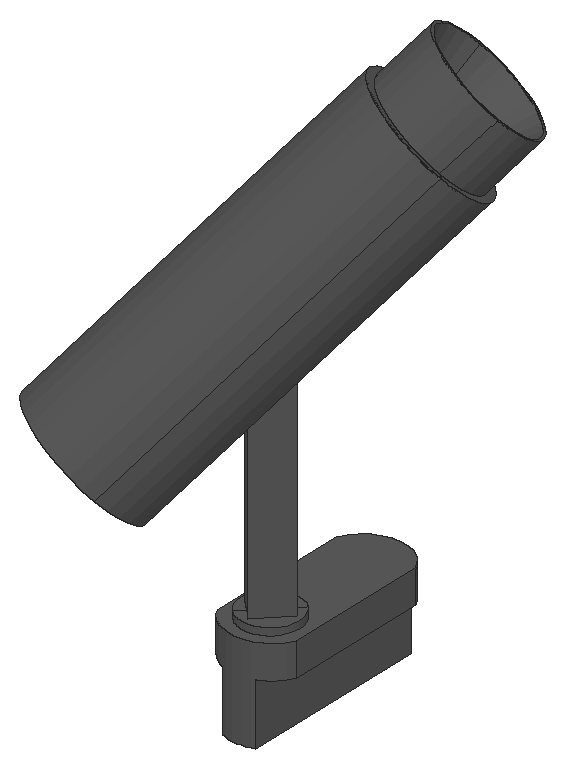
Revit family "0005523", category Lighting Fixtures, host Face, Revit 2017
Family settings
  Host = Face
  Round Connector Dimension = Use Diameter
  Part Type = Normal
  OmniClass Number = 23.80.70.00
  OmniClass Title = Lighting
  Cut with Voids When Loaded = No
  Light Source = No
  Shared = No
  Room Calculation Point = No
Parameters (values of type "0005523 LENZO S 15W 500LM 930 GLB O/B BLACK - NB")
  Weight = "n/a"
  Wattage Comments = ""
  WarrantyStartDate [instance] = "n/a"
  WarrantyGuarantorParts = "n/a"
  WarrantyDurationUnit = "n/a"
  WarrantyDurationParts = "n/a"
  WarrantyDescription = "n/a"
  Voltage = 230 V
  VerticalRotation_SYL [instance] = 45.00°
  VerticalEndAngle_SYL [instance] = VerticalRotation_SYL - 180.00°  # -135.00°
  URL = "http://www.sylvania-lighting.com"
  TypeName = "LENZO S 15W 500LM 930 GLB ON BOARD DIMMING BLACK - NB"
  TypeHead_SYL = Lenzo Head : 0005523 LENZO S 15W 500LM 930 GLB O/B BLACK - NB
  Type Image = <None>
  Type Comments = "n/a"
  SerialNumber [instance] = "n/a"
  Material_3_SYL = none
  PowerFactor = 0
  PowerConsumption = "15 W"
  NominalLength = 60 mm
  NominalHeight = 261 mm
  NominalDepth = 60 mm
  Name = "LENZO S 15W 500LM 930 GLB ON BOARD DIMMING BLACK - NB"
  ModelReference = Name  # "LENZO S 15W 500LM 930 GLB ON BOARD DIMMING BLACK - NB"
  ModelNumber = "0005523"
  Model = Name  # "LENZO S 15W 500LM 930 GLB ON BOARD DIMMING BLACK - NB"
  Material = "aluminium housing, pc polycarbonate diffuser"
  ManufacturerName = "Feilo Sylvania"
  Manufacturer = "Feilo Sylvania"
  LuminousEfficacy = "33 lm/W"
  LuminaireType = ""
  LightOutputRatio = "n/a"
  LampsType = Lamp  # "LED"
  LampNominalLuminous = "200/500 lm"
  LampMacAdamStep = "3"
  LampColourTemperature = "3000 K"
  LampColourRenderingIndex = "90"
  Lamp = "LED"
  Keynote = "16500"
  InstallationDate [instance] = "n/a"
  InputVoltage = "220-240 V AC"
  InputNominalFrequency = "50/60 Hz"
  IngressProtection = "IP20"
  ImpactProtectionIndex = "IK02"
  IfcExportType = "IfcLightFixtureType"
  IfcExportAs = "IfcLightFixtureType"
  HorizontalRotation_SYL [instance] = -45.00°
  ExpectedLife = 50000
  ElectricShockClassification = "Class I"
  DurationUnit = "hours"
  DocumentationLiterature = "http://www.sylvania-lighting.com/product/en-int/products/0005523"
  DimmingControlOptions = "on board dimming"
  Material_2_SYL = Spacer-Sylvania-StartTrackSpot-Aluminium
  Description = "LENZO S 15W 500LM 930 GLB O/B BLACK - NB"
  Default Elevation = 1219.2 mm
  CreatedOn = "9/25/2019"
  CreatedBy = "@sylvania-lighting.com"
  Cost = 0
  built-in parameter 1114216 [instance] = (empty or 0)
  ClassificationValue = "EF_70_80"
  ClassificationName = "Uniclass2015"
  Material_1_SYL = Body-Sylvania-StartTrackSpot-Black
  BarCode [instance] = "n/a"
  AssetType = "Fixed"
  AssetIdentifier [instance] = "n/a"
  Assembly Code = "D5020200"
  Apparent Load = 15 VA
  Material_4_SYL = none
Types (2, lengths in mm): name | TypeName | TypeHead_SYL | Name | ModelReference | Model | Description
  0005523 LENZO S 15W 500LM 930 GLB O/B BLACK - WB | "LENZO S 15W 500LM 930 GLB ON BOARD DIMMING BLACK - WB" | Lenzo Head : 0005523 LENZO S 15W 500LM 930 GLB O/B BLACK - WB | "LENZO S 15W 500LM 930 GLB ON BOARD DIMMING BLACK - WB" | "LENZO S 15W 500LM 930 GLB ON BOARD DIMMING BLACK - WB" | "LENZO S 15W 500LM 930 GLB ON BOARD DIMMING BLACK - WB" | "LENZO S 15W 500LM 930 GLB O/B BLACK - WB"
  0005523 LENZO S 15W 500LM 930 GLB O/B BLACK - NB | "LENZO S 15W 500LM 930 GLB ON BOARD DIMMING BLACK - NB" | Lenzo Head : 0005523 LENZO S 15W 500LM 930 GLB O/B BLACK - NB | "LENZO S 15W 500LM 930 GLB ON BOARD DIMMING BLACK - NB" | "LENZO S 15W 500LM 930 GLB ON BOARD DIMMING BLACK - NB" | "LENZO S 15W 500LM 930 GLB ON BOARD DIMMING BLACK - NB" | "LENZO S 15W 500LM 930 GLB O/B BLACK - NB"
Reference planes
  plane 1 "Center (Front/Back)": y = 0
  plane 2: z = 0
  plane 3 "Center (Left/Right)": x = 0
  plane 4: x = 16.6
  plane 5: x = -16.6
  plane 6: x = 7
  plane 7: x = -7
  plane 8: x = -12.8
  plane 9: y = 42
  plane 10: y = 42
  plane 11: y = -42
  plane 12: y = 31.4
  plane 13: y = -31.4
  plane 14: z = -26
  plane 15: z = 14
  plane 16: z = 14
  plane 17: y = -17.4
  plane 18: y = -6.8
  plane 19: y = -24.4
Forms (mm)
  Extrusion 1, solid, material "Body-Sylvania-StartTrackSpot-Black" <- "Material_1_SYL"
    sketch origin (0, 0, 0) x (1, 0, 0) y (0, 1, 0)
      loop
        line (-16.6, 31.4) -> (-16.6, -31.4)
        arc (-16.6, -31.4) -> (0, -42) -> (16.6, -31.4) r 18.298
        line (16.6, -31.4) -> (16.6, 31.4)
        arc (16.6, 31.4) -> (0, 42) -> (-16.6, 31.4) r 18.298
    from -26 to 14
  Extrusion 2, void
    sketch origin (0, 0, 0) x (1, 0, 0) y (0, 1, 0)
      loop
        arc (-7, 40.608) -> (-12.666, 36.907) -> (-16.6, 31.4) r 18.298
        line (-16.6, 31.4) -> (-16.6, -31.4)
        arc (-16.6, -31.4) -> (-12.666, -36.907) -> (-7, -40.608) r 18.298
        line (-7, -40.608) -> (-7, 40.608)
      loop
        line (16.6, -31.4) -> (16.6, 31.4)
        arc (16.6, 31.4) -> (12.666, 36.907) -> (7, 40.608) r 18.298
        line (7, 40.608) -> (7, -40.608)
        arc (7, -40.608) -> (12.666, -36.907) -> (16.6, -31.4) r 18.298
    from 0 to -26
  Revolve 3, solid, not visible
    sketch origin (1524, -24.4, 1219.2) x (1, 0, 0) y (0, 0, 1)
      loop
        line (-1524, -1202.5) -> (-1524, -1183.235) -> (-1531, -1183.235) -> (-1531, -1202.5) -> (-1524, -1202.5)
      axis (-1524, -1183.235) -> (-1524, -1202.5)
    angle from 45 <- "VerticalRotation_SYL" to -135 <- "VerticalEndAngle_SYL"
Cuts and joins
  Extrusion 2 cuts Extrusion 1
Lines and regions (mm)
  reference lines
    curve 1: circle (0, -24.4, 0) r 12.7 normal (0, 0, 1)
    curve 2: arc (-16.6, -31.4, 0) -> (0, -42, 0) -> (16.6, -31.4, 0) r 18.298
    curve 3: arc (-16.6, -17.4, 0) -> (0, -6.8, 0) -> (16.6, -17.4, 0) r 18.298
    curve 4: arc (-16.6, 31.4, 0) -> (0, 42, 0) -> (16.6, 31.4, 0) r 18.298
Dimensions and locks
  plane 6 to plane 3 "Center (Left/Right)" to plane 7 = 7 mm locked, 7 mm locked
  plane 4 to plane 3 "Center (Left/Right)" to plane 5 = 16.6 mm locked, 16.6 mm locked
  locked: plane 3 "Center (Left/Right)" to plane 8 at 12.8
  plane 11 to plane 1 "Center (Front/Back)" to plane 10 = 42 mm locked, 42 mm locked
  plane 13 to plane 1 "Center (Front/Back)" to plane 12 = 31.4 mm locked, 31.4 mm locked
  locked: plane 2 to plane 14 at 26
  locked: plane 13 to plane 17 at 14
  locked: plane 17 to plane 18 at 10.6
  equal spacing: plane 13, plane 19, plane 17
  locked: plane 19 to curve 2 at 0.698
  locked: curve 3 to plane 19 at 0.698
  locked: plane 16 to plane 2 at 14
  aligned and locked: plane 2 to host face
  aligned and locked: level to host face
  aligned and locked: plane 3 "Center (Left/Right)" to curve 1
  aligned and locked: plane 19 to curve 1
  aligned and locked: plane 13 to curve 2  (x2)
  aligned and locked: plane 17 to curve 3  (x2)
  aligned and locked: plane 12 to curve 4  (x2)
  aligned and locked: plane 4 to curve 4
  aligned and locked: plane 3 "Center (Left/Right)" to curve 4
  aligned and locked: plane 5 to curve 2
  aligned and locked: plane 5 to curve 3
  aligned and locked: plane 4 to curve 3
  aligned and locked: plane 4 to curve 2
  aligned and locked: plane 12 to Extrusion 1 sketch curve
  aligned and locked: plane 13 to Extrusion 1 sketch curve
  aligned and locked: Extrusion 1 sketch curve to curve 4
  aligned and locked: Extrusion 1 sketch curve to curve 2
  aligned and locked: Extrusion 1 to plane 15
  aligned and locked: plane 14 to Extrusion 1
  aligned and locked: Extrusion 2 sketch curve to Extrusion 1  (x5)
  aligned and locked: Extrusion 2 sketch curve to plane 7
  aligned and locked: plane 14 to Extrusion 2
  aligned and locked: level to Extrusion 2
  aligned and locked: Revolve 3 sketch curve to plane 3 "Center (Left/Right)"
  aligned and locked: plane 16 to nested 1
  aligned and locked: plane 16 to plane 15
Automatic sketch dimensions
  plane 12 to curve 4 = 7.698 mm
  plane 12 to Extrusion 2 sketch curve = 0 mm
  Extrusion 2 sketch curve to Extrusion 2 sketch curve = 0 mm  (x2)
  Extrusion 2 sketch curve to plane 6 = 0 mm
  Revolve 3 sketch curve to plane 7 = 0 mm
  Revolve 3 sketch curve to Revolve 3 sketch curve = 19.265 mm
  plane 14 to Revolve 3 sketch curve = 583.6 mm
  Revolve 3 sketch curve to Revolve 3 sketch curve = 2558.594 mm
  Revolve 3 sketch curve to plane 3 "Center (Left/Right)" = 0 mm
  host sketch curve to host sketch curve = 200 mm  (x2)
  Revolve 3 sketch curve to plane 16 = 2.7 mm
  radius of curve 1 = 12.7 mm
Nested families
  nested 1: "Lenzo Arm" at (0, -24.4, 14) x (0, 0, -1) z (0.7071, 0.7071, 0), HorizontalRotation_SYL <- "HorizontalRotation_SYL", type "START Track Spot Integral WH"
    with HorizontalRotation_SYL -45.00°, HorizontalEndAngle_SYL -225.00°
  nested 2: "Lenzo Head" at (-10.453, -34.853, 124.783) x (0.7071, -0.7071, 0) z (-0.5, -0.5, -0.7071), type <- "TypeHead_SYL", type "0005523 LENZO S 15W 500LM 930 GLB O/B BLACK - NB"
    with built-in parameter 1114216 (empty or 0)
Connectors
  electrical at (0, 0, 0), driven by "Apparent Load", driven by "PowerFactor", driven by "Voltage"
    settings: index 1, voltage 230 V, apparent load 15 VA, apparent load phase1 0 VA, apparent load phase2 0 VA, apparent load phase3 0 VA, power factor 0, load classification "Lighting", number of poles 1, system type 30, power factor state 1, is connector primary yes, connector utility no, sub classification motor no, connector description ""
Definition of nested family "Lenzo Arm"
  Parameters (values of type "START Track Spot Integral WH")
    URL = "http://www.sylvania-lighting.com"
    Type Image = (empty or 0)
    Type Comments = "n/a"
    Material_3_SYL = none
    Model = ""
    Manufacturer = "Feilo Sylvania"
    Keynote = ""
    Material_2_SYL = none
    HorizontalRotation_SYL [instance] = 0.00°
    HorizontalEndAngle_SYL [instance] = HorizontalRotation_SYL - 180.00°  # -180.00°
    Description = ""
    Default Elevation = 1219.2 mm
    Cost = 0
    Material_1_SYL = none
    Assembly Code = ""
    Material_4_SYL = none
  Reference planes
    plane 1 "Center (Front/Back)": y = 0
    plane 2: z = 0
    plane 3 "Center (Left/Right)": x = 0
    plane 4: x = -3
    plane 5: z = -12.5
    plane 6: z = 12.5
    plane 7: x = -96
    plane 8: z = 8
    plane 9: z = -8
    plane 10: x = -103
    plane 11: y = 5.5
    plane 12: y = -5.5
  Forms (mm)
    Extrusion 1, solid
      sketch origin (1116.2, 0, 0) x (1, 0, 0) y (0, 1, 0)
        loop
          line (-1283.103, 99.845) -> (-1283.103, -100.155) -> (-1083.103, -100.155) -> (-1083.103, 99.845) -> (-1283.103, 99.845)
      from 0 to -68.017
    Revolve 2, solid, material <- "Material_1_SYL"
      sketch origin (0, 0, 0) x (1, 0, 0) y (0, 0, 1)
        loop
          line (0, 0) -> (0, 12.5) -> (-3, 12.5) -> (-3, 0) -> (0, 0)
        axis (-3, 0) -> (0, 0)
      angle from 360 to 0
    Extrusion 3, solid, material <- "Material_1_SYL"
      sketch origin (0, 0, 0) x (1, 0, 0) y (0, 0, 1)
        loop
          line (-3, 8) -> (-103, 8) -> (-103, -8) -> (-3, -8) -> (-3, 8)
      from -5.5 to 5.5
    Revolve 4, solid, not visible
      sketch origin (-96, -4572, 2609.058) x (0, 0, 1) y (0, -1, 0)
        loop
          line (-2609.058, -4553.46) -> (-2609.058, -4590.54) -> (-2605.058, -4590.54) -> (-2605.058, -4553.46) -> (-2609.058, -4553.46)
        axis (-2609.058, -4553.46) -> (-2609.058, -4590.54)
      angle from 0 <- "HorizontalRotation_SYL" to -180 <- "HorizontalEndAngle_SYL"
  Dimensions and locks
    locked: plane 3 "Center (Left/Right)" to plane 4 at 3
    plane 6 to plane 2 to plane 5 = 12.5 mm locked, 12.5 mm locked
    equal spacing: Revolve 4 sketch curve, plane 1 "Center (Front/Back)", Revolve 4 sketch curve
    locked: Revolve 4 sketch curve to plane 1 "Center (Front/Back)" at 18.54
    locked: plane 4 to plane 10 at 100
    locked: plane 1 "Center (Front/Back)" to plane 11 at 5.5
    locked: plane 12 to plane 1 "Center (Front/Back)" at 5.5
    plane 8 to plane 2 to plane 9 = 8 mm, 8 mm
    locked: plane 7 to plane 10 at 7
    aligned and locked: plane 2 to Extrusion 1
    aligned and locked: level to Extrusion 1
    aligned and locked: plane 12 to Extrusion 3
    aligned and locked: Extrusion 3 to plane 11
    aligned and locked: plane 9 to Extrusion 3 sketch curve
    aligned and locked: Extrusion 3 sketch curve to plane 8
    aligned and locked: Extrusion 3 sketch curve to plane 10
    aligned and locked: Revolve 2 sketch curve to plane 6
Definition of nested family "Lenzo Head"
  Parameters (values of type "0005523 LENZO S 15W 500LM 930 GLB O/B BLACK - NB")
    WidthCutOut_SYL = 13 mm  # constant formula
    Wattage Comments = "n/a"
    Wattage = 15 W
    built-in parameter 1150110 = 1 (stored number, unit not read)
    URL = "http://www.sylvania-lighting.com"
    Type Image = (empty or 0)
    Type Comments = "n/a"
    built-in parameter 1114217 = 1 (stored number, unit not read)
    Tilt Angle = 90.00°
    built-in parameter 1150109 = 1 (stored number, unit not read)
    built-in parameter 1150134 = (empty or 0)
    built-in parameter 1150113 = 1 (stored number, unit not read)
    S_SYL = yes
    RadiusLensOut_SYL = 21 mm
    RadiusLensHolder_SYL = 1.8 mm  # constant formula
    RadiusHead_SYL = if(S_SYL, 30 mm, 38 mm)  # 30 mm
    RadiusEmission_SYL = 8 mm
    Photometric Web File = "0005523-NB.ies"
    Material_3_SYL = none
    Model = "LENZO S 15W 500LM 930 GLB ON BOARD DIMMING BLACK - NB"
    Manufacturer = "Feilo Sylvania"
    built-in parameter 1150105 = 39.391 (stored number, unit not read)
    Lumens = 495 lm
    built-in parameter 1150115 = 1 (stored number, unit not read)
    built-in parameter 1150137 = (empty or 0)
    built-in parameter 1150139 = (empty or 0)
    LensProtrusion_SYL = 27 mm
    built-in parameter 1150112 = 1 (stored number, unit not read)
    built-in parameter 1150114 = 1 (stored number, unit not read)
    Lamp = "LED"
    Keynote = "16500"
    Material_2_SYL = none
    built-in parameter 1150132 = (empty or 0)
    built-in parameter 1150102 = (empty or 0)
    built-in parameter 1150107 = 3000 (stored number, unit not read)
    built-in parameter 1150138 = (empty or 0)
    built-in parameter 1150106 = 0.39391 (stored number, unit not read)
    Height_SYL = if(S_SYL, 162 mm, 201 mm)  # 162 mm
    HeightCutOut_SYL = if(S_SYL, 76 mm, 96 mm)  # 76 mm
    Emit from Circle Diameter = RadiusLensOut_SYL * 2  # 42 mm
    Emit Shape Visible in Rendering = no
    built-in parameter 1150104 = 3.0658 (stored number, unit not read)
    DistRotateAxisY_SYL = if(S_SYL, 66 mm, 90 mm)  # 66 mm
    Dimming Lamp Color Temperature Shift = (empty or 0)
    Description = "LENZO S 15W 500LM 930 GLB O/B BLACK - NB"
    DepthCutOut_SYL = 16 mm  # constant formula
    Default Elevation = 1219.2 mm
    Cost = 0
    Color Filter = 16777215
    built-in parameter 1114216 [instance] = (empty or 0)
    Material_1_SYL = none
    built-in parameter 1114218 = 1 (stored number, unit not read)
    built-in parameter 1150133 = 10 (stored number, unit not read)
    Assembly Code = "D5020200"
    Apparent Load = 15 VA
    Material_4_SYL = none
  Types (2, lengths in mm): name | Photometric Web File | Model | LensProtrusion_SYL | Description
    0005523 LENZO S 15W 500LM 930 GLB O/B BLACK - WB | "0005523-WB.ies" | "LENZO S 15W 500LM 930 GLB ON BOARD DIMMING BLACK - WB" | 10 | "LENZO S 15W 500LM 930 GLB O/B BLACK - WB"
    0005523 LENZO S 15W 500LM 930 GLB O/B BLACK - NB | "0005523-NB.ies" | "LENZO S 15W 500LM 930 GLB ON BOARD DIMMING BLACK - NB" | 27 | "LENZO S 15W 500LM 930 GLB O/B BLACK - NB"
  Reference planes
    plane 1 "Center (Front/Back)": y = 0
    plane 2: z = 0
    plane 3 "Center (Left/Right)": x = 0
    plane 4: x = 30
    plane 5: z = 66
    plane 6: z = -96
    plane 7: x = 26.5
    plane 8: x = 21
    plane 9: x = 8
    plane 10: z = -60
    plane 11: z = -10
    plane 12: x = 25.5
    plane 13: z = -73
    plane 14: z = -58
    plane 15: z = -1
    plane 16: x = 6.5
    plane 17: x = -6.5
    plane 18: y = -30
    plane 19: y = -14
    plane 20: y = -22
    plane 21: z = -123
    plane 22: x = 16.5
    plane 23: z = -98
    plane 24: z = -134.762
    plane 25: z = -134.762
    plane 26: x = 1.5
    plane 27: z = -82.762
    plane 28: x = -1.5
    plane 29: z = -84.762
    plane 30: z = -84.762
    plane 31: z = -132.762
    plane 32: x = -51.5
    plane 33: z = -132.762
    plane 34: z = -84.762
    plane 35: z = -134.762
    plane 36: z = -134.762
    plane 37: x = 26.5
    plane 38: z = -90
  Forms (mm)
    Extrusion 1, solid
      sketch origin (4.2, -1183.2, 0) x (1, 0, 0) y (0, 1, 0)
        loop
          line (-55.7, 1231.317) -> (-55.7, 1131.317) -> (44.3, 1131.317) -> (44.3, 1231.317) -> (-55.7, 1231.317)
      from 0 to -20
    Revolve 2, solid, material <- "Material_1_SYL"
      sketch origin (0, 0, 0) x (1, 0, 0) y (0, 0, 1)
        loop
          line (30, -96) -> (30, 66) -> (26.5, 66) -> (26.5, -96) -> (30, -96)
        axis (0, 66) -> (0, -96)
      angle from 360 to 0
    Revolve 3, solid, material <- "Material_1_SYL"
      sketch origin (0, 0, 0) x (1, 0, 0) y (0, 0, 1)
        loop
          line (26.5, 66) -> (0, 66) -> (0, -10) -> (26.5, -10) -> (26.5, 66)
        axis (0, 66) -> (0, -10)
      angle from 360 to 0
    Revolve 4, solid
      sketch origin (0, 0, 0) x (1, 0, 0) y (0, 0, 1)
        loop
          line (0, -60) -> (8, -60)
          arc (8, -60) -> (18.9, -63.606) -> (25.5, -73) r 18.279
          line (25.5, -73) -> (26.5, -73) -> (26.5, -58) -> (0, -58) -> (0, -60)
        axis (0, -58) -> (0, -73)
      angle from 360 to 0
    Extrusion 5, void
      sketch origin (1524, -30, 1219.2) x (-1, 0, 0) y (0, 0, 1)
        loop
          line (1530.5, -1229.2) -> (1530.5, -1153.2) -> (1517.5, -1153.2) -> (1517.5, -1229.2) -> (1530.5, -1229.2)
      from 0 to 16
    Revolve 6, solid, material <- "Material_1_SYL"
      sketch origin (0, 0, 0) x (1, 0, 0) y (0, 0, 1)
        loop
          line (26.5, -123) -> (26.5, -90) -> (16.5, -90) -> (16.5, -98) -> (25.5, -123) -> (26.5, -123)
        axis (0, -90) -> (0, -123)
      angle from 360 to 0
    Revolve 7, solid, material <- "Material_2_SYL"
      sketch origin (0, 0, 0) x (1, 0, 0) y (0, 0, 1)
        loop
          line (0, -98) -> (16.5, -98) -> (16.5, -90) -> (0, -90) -> (0, -98)
        axis (0, -90) -> (0, -98)
      angle from 360 to 0
  Cuts and joins
    Extrusion 5 cuts Revolve 3
    Extrusion 5 cuts Revolve 2
  Dimensions and locks
    "RadiusHead_SYL": plane 4 to plane 3 "Center (Left/Right)"
    "DistRotateAxisY_SYL": plane 5 to plane 2
    "Height_SYL": plane 5 to plane 6
    plane 4 to plane 7 = 3.5 mm
    "RadiusLensOut_SYL": plane 8 to plane 3 "Center (Left/Right)"
    "RadiusEmission_SYL": plane 9 to plane 3 "Center (Left/Right)"
    "HeightCutOut_SYL": plane 5 to plane 11
    plane 12 to plane 8 = 4.5 mm
    locked: plane 2 to plane 15 at 1
    equal spacing: plane 16, plane 3 "Center (Left/Right)", plane 17
    "WidthCutOut_SYL": plane 16 to plane 17
    "RadiusHead_SYL": plane 18 to plane 1 "Center (Front/Back)"
    "DepthCutOut_SYL": plane 18 to plane 19
    equal spacing: plane 18, plane 20, plane 19
    "LensProtrusion_SYL": plane 6 to plane 21
    locked: plane 14 to plane 10 at 2
    locked: plane 10 to plane 13 at 13
    locked: plane 7 to plane 22 at 10
    locked: plane 23 to plane 21 at 25
    locked: plane 7 to plane 12 at 1
    locked: plane 38 to plane 23 at 8
    locked: plane 13 to plane 6 at 23
    aligned and locked: plane 2 to Extrusion 1
    aligned and locked: level to Extrusion 1
    aligned and locked: Revolve 2 sketch curve to plane 3 "Center (Left/Right)"
    aligned and locked: Revolve 2 sketch curve to plane 6
    aligned and locked: Revolve 2 sketch curve to plane 4
    aligned and locked: plane 5 to Revolve 2 sketch curve
    aligned and locked: plane 7 to Revolve 2 sketch curve
    aligned and locked: Revolve 3 sketch curve to plane 3 "Center (Left/Right)"
    aligned and locked: Revolve 3 sketch curve to Revolve 2  (x3)
    aligned and locked: Revolve 3 sketch curve to plane 11
    aligned and locked: plane 3 "Center (Left/Right)" to Revolve 3 sketch curve
    aligned and locked: Revolve 4 sketch curve to plane 3 "Center (Left/Right)"  (x2)
    aligned and locked: plane 3 "Center (Left/Right)" to Revolve 4 sketch curve
    aligned and locked: plane 9 to Revolve 4 sketch curve
    aligned and locked: plane 10 to Revolve 4 sketch curve
    aligned and locked: plane 12 to Revolve 4 sketch curve
    aligned and locked: plane 13 to Revolve 4 sketch curve
    aligned and locked: plane 11 to Extrusion 5 sketch curve
    aligned and locked: Extrusion 5 sketch curve to plane 17
    aligned and locked: Extrusion 5 sketch curve to plane 5
    aligned and locked: plane 16 to Extrusion 5 sketch curve
    aligned and locked: Extrusion 5 to plane 19
    aligned and locked: plane 18 to Extrusion 5
    aligned and locked: plane 3 "Center (Left/Right)" to imposter light
    aligned and locked: imposter light to plane 1 "Center (Front/Back)"
    aligned and locked: Revolve 6 sketch curve to plane 3 "Center (Left/Right)"
    aligned and locked: plane 7 to Revolve 6 sketch curve
    aligned and locked: Revolve 6 sketch curve to plane 21
    aligned and locked: Revolve 6 sketch curve to plane 7
    aligned and locked: Revolve 7 sketch curve to Revolve 6  (x2)
    aligned and locked: Revolve 7 sketch curve to plane 3 "Center (Left/Right)"  (x2)
    aligned and locked: Revolve 6 to Revolve 7 sketch curve
    aligned and locked: imposter light to plane 23
  Automatic sketch dimensions
    plane 6 to Revolve 2 sketch curve = 487.1 mm
    Revolve 2 sketch curve to plane 5 = 2571.558 mm
    Revolve 4 sketch curve to plane 10 = 2 mm
    plane 6 to Revolve 4 sketch curve = 487.1 mm
    Revolve 4 sketch curve to plane 5 = 2571.558 mm
    Revolve 4 sketch curve to plane 7 = 0 mm
    plane 6 to Revolve 3 sketch curve = 487.1 mm
    Revolve 3 sketch curve to Revolve 3 sketch curve = 2571.558 mm
    Extrusion 1 sketch curve to Extrusion 1 sketch curve = 100 mm  (x2)
    Revolve 6 sketch curve to plane 22 = 0 mm
    Revolve 6 sketch curve to plane 12 = 0 mm
    Revolve 6 sketch curve to plane 23 = 0 mm
    Revolve 6 sketch curve to plane 38 = 0 mm
    Revolve 6 sketch curve to plane 5 = 2592.258 mm
    Revolve 7 sketch curve to plane 5 = 2592.258 mm
    plane 21 to Revolve 6 sketch curve = 456.4 mm
    plane 21 to Revolve 7 sketch curve = 456.4 mm
